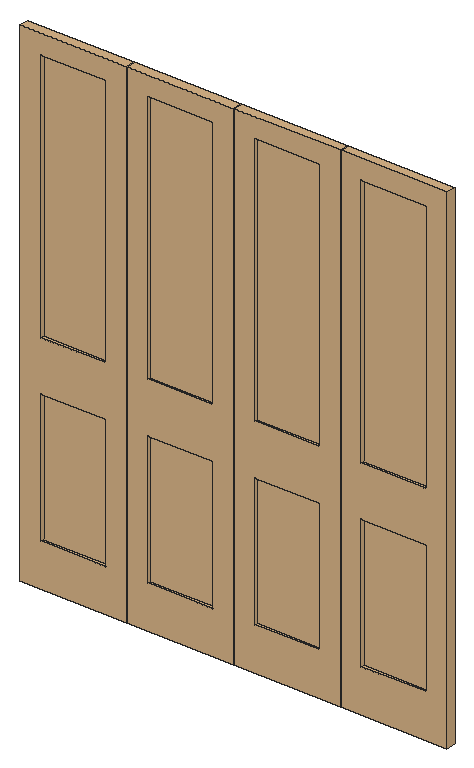
Revit family "0002_M_DR_W_bifold-4 panel_no trim", category 문, Revit 2026
Family settings
  호스트 = 벽
  항상 수직 = 예
  로드될 때 보이드를 사용하여 절단 = 아니오
  공유 = 아니오
  룸 계산 점 = 아니오
Parameters (values of type "72" x 84"")
  두께 = 0' - 2"
  조합 코드 = "C1020"
  Description = ""
  Function = (empty or 0)
  Door Material = Door - Panel
  Frame Material = Door - Frame
  Height = 7' - 0"
  벽 마무리 = 호스트별
  Width = 6' - 0"
Types (5): name | 두께 | 조합 코드 | Height | Width
  48" x  84" | 0' - 2" | "C1020" | 7' - 0" | 4' - 0"
  60" x 84" | 0' - 2" | "C1020" | 7' - 0" | 5' - 0"
  72" x 84" | 0' - 2" | "C1020" | 7' - 0" | 6' - 0"
  72" x 80" | 0' - 2" | "C1020" | 6' - 8" | 6' - 0"
  1830 x 2134mm | 0' - 1.9685" | 0' - 0" | 7' - 0.01575" | 6' - 0.04724"
Reference planes (in)
  plane 1: y = 0
  plane 2 "Center": x = 0
  plane 3 "Left": x = -36
  plane 4 "Right": x = 36
  plane 5 "Top": z = 84
  plane 6: x = -18
  plane 7: x = 18
  plane 8: z = 42
  plane 9: x = -20
  plane 10: x = -4
  plane 11: y = 1.5
  plane 12: x = 4
  plane 13: x = 20
  plane 14: y = 0
  plane 15: y = -1.5
  plane 16: z = 7.25
  plane 17: z = 80.75
  plane 18: z = 29.5
  plane 19: z = 38
  plane 20: x = 32.5
  plane 21: x = 21.5
  plane 22: x = 3.5
  plane 23: x = 14.5
  plane 24: x = -3.5
  plane 25: x = -14.5
  plane 26: x = -21.5
  plane 27: x = -32.5
  plane 28: y = 1
  plane 29: y = 0.5
Forms (in)
  Extrusion 1, solid, material "Door - Panel" <- "Door Material"
    sketch origin (-60, 1.5, 0) x (-1, 0, 0) y (0, 0, 1)
      loop
        line (-96, 0) -> (-78, 0) -> (-78, 84) -> (-96, 84) -> (-96, 0)
      loop
        line (-92.5, 80.75) -> (-92.5, 38) -> (-81.5, 38) -> (-81.5, 80.75) -> (-92.5, 80.75)
      loop
        line (-92.5, 29.5) -> (-92.5, 7.25) -> (-81.5, 7.25) -> (-81.5, 29.5) -> (-92.5, 29.5)
    from 0 to -1.5
  Extrusion 2, solid, material "Door - Panel" <- "Door Material"
    sketch origin (-60, 1.5, 0) x (-1, 0, 0) y (0, 0, 1)
      loop
        line (-78, 0) -> (-60, 0) -> (-60, 84) -> (-78, 84) -> (-78, 0)
      loop
        line (-74.5, 80.75) -> (-74.5, 38) -> (-63.5, 38) -> (-63.5, 80.75) -> (-74.5, 80.75)
      loop
        line (-74.5, 29.5) -> (-74.5, 7.25) -> (-63.5, 7.25) -> (-63.5, 29.5) -> (-74.5, 29.5)
    from 0 to -1.5
  Extrusion 3, solid, material "Door - Panel" <- "Door Material"
    sketch origin (-60, 1.5, 0) x (-1, 0, 0) y (0, 0, 1)
      loop
        line (-60, 0) -> (-42, 0) -> (-42, 84) -> (-60, 84) -> (-60, 0)
      loop
        line (-56.5, 80.75) -> (-56.5, 38) -> (-45.5, 38) -> (-45.5, 80.75) -> (-56.5, 80.75)
      loop
        line (-56.5, 29.5) -> (-56.5, 7.25) -> (-45.5, 7.25) -> (-45.5, 29.5) -> (-56.5, 29.5)
    from 0 to -1.5
  Extrusion 4, solid, material "Door - Panel" <- "Door Material"
    sketch origin (-60, 1.5, 0) x (-1, 0, 0) y (0, 0, 1)
      loop
        line (-42, 0) -> (-24, 0) -> (-24, 84) -> (-42, 84) -> (-42, 0)
      loop
        line (-38.5, 80.75) -> (-38.5, 38) -> (-27.5, 38) -> (-27.5, 80.75) -> (-38.5, 80.75)
      loop
        line (-38.5, 29.5) -> (-38.5, 7.25) -> (-27.5, 7.25) -> (-27.5, 29.5) -> (-38.5, 29.5)
    from 0 to -1.5
  Extrusion 5, solid, material "Door - Panel" <- "Door Material"
    sketch origin (-60, 1.5, 0) x (-1, 0, 0) y (0, 0, 1)
      loop
        line (-92.5, 80.75) -> (-92.5, 38) -> (-81.5, 38) -> (-81.5, 80.75) -> (-92.5, 80.75)
      loop
        line (-92.5, 29.5) -> (-92.5, 7.25) -> (-81.5, 7.25) -> (-81.5, 29.5) -> (-92.5, 29.5)
      loop
        line (-74.5, 80.75) -> (-74.5, 38) -> (-63.5, 38) -> (-63.5, 80.75) -> (-74.5, 80.75)
      loop
        line (-74.5, 29.5) -> (-74.5, 7.25) -> (-63.5, 7.25) -> (-63.5, 29.5) -> (-74.5, 29.5)
      loop
        line (-56.5, 29.5) -> (-56.5, 7.25) -> (-45.5, 7.25) -> (-45.5, 29.5) -> (-56.5, 29.5)
      loop
        line (-45.5, 80.75) -> (-56.5, 80.75) -> (-56.5, 38) -> (-45.5, 38) -> (-45.5, 80.75)
      loop
        line (-27.5, 80.75) -> (-38.5, 80.75) -> (-38.5, 38) -> (-27.5, 38) -> (-27.5, 80.75)
      loop
        line (-27.5, 29.5) -> (-38.5, 29.5) -> (-38.5, 7.25) -> (-27.5, 7.25) -> (-27.5, 29.5)
    from -1 to -0.5
Lines and regions (in)
  Opening 1
    outline origin (-90, -1.5, 0) x (1, 0, 0) y (0, 0, 1)
      loop
        line (54, 0) -> (126, 0) -> (126, 84) -> (54, 84) -> (54, 0)
  symbolic lines, style "InvisibleLines", detail levels coarse
    curve 1: line (-36, 1.5, 0) -> (-20, 9.88176, 0)
    curve 2: line (-20, 9.88176, 0) -> (-4, 1.5, 0)
    curve 11: line (20.00421, 9.88176, 0) -> (35.91046, 1.54911, 0)
    curve 15: line (19.99579, 9.88176, 0) -> (3.99579, 1.5, 0)
  symbolic lines, style "DoorsPanelProjection"
    curve 3: line (-35.99579, 1.4922, 0) -> (-20.80462, 11.14769, 0)
    curve 4: line (-35.19117, 0.22627, 0) -> (-35.99579, 1.4922, 0)
    curve 5: line (-20, 9.88176, 0) -> (-35.19117, 0.22627, 0)
    curve 6: line (-20.80462, 11.14769, 0) -> (-20, 9.88176, 0)
    curve 7: line (-4.00421, 1.4922, 0) -> (-19.19538, 11.14769, 0)
    curve 8: line (-4.80883, 0.22627, 0) -> (-4.00421, 1.4922, 0)
    curve 9: line (-20, 9.88176, 0) -> (-4.80883, 0.22627, 0)
    curve 10: line (-19.19538, 11.14769, 0) -> (-20, 9.88176, 0)
    curve 12: line (35.91046, 1.54911, 0) -> (20.80883, 11.14769, 0)
    curve 13: line (20.00421, 9.88176, 0) -> (35.19538, 0.22627, 0)
    curve 14: line (20.80883, 11.14769, 0) -> (20.00421, 9.88176, 0)
    curve 16: line (4, 1.4922, 0) -> (19.19117, 11.14769, 0)
    curve 17: line (4.80462, 0.22627, 0) -> (4, 1.4922, 0)
    curve 18: line (19.99579, 9.88176, 0) -> (4.80462, 0.22627, 0)
    curve 19: line (19.19117, 11.14769, 0) -> (19.99579, 9.88176, 0)
    curve 20: line (35.19538, 0.22627, 0) -> (35.91046, 1.54911, 0)
  symbolic lines, style "Elevation Swing"
    curve 21: line (18, 0, 84) -> (36, 0, 42)
    curve 22: line (36, 0, 42) -> (18, 0, 0)
    curve 23: line (0, 0, 0) -> (18, 0, 42)
    curve 24: line (18, 0, 42) -> (0, 0, 84)
    curve 25: line (0, 0, 84) -> (-18, 0, 42)
    curve 26: line (-18, 0, 42) -> (0, 0, 0)
    curve 27: line (-18, 0, 84) -> (-36, 0, 42)
    curve 28: line (-36, 0, 42) -> (-18, 0, 0)
Text (in)
  text "Exterior" at (-58.67754, 9.66748, 0), in view "Floor Line"
  text "Interior" at (-58.34764, -8.28425, 0), in view "Floor Line"
  text "Exterior" at (0, 40.15149, 123.01588), in view "Right"
  text "Interior" at (0, -64.39139, 123.01588), in view "Right"
  text "Interior" at (0, -31.01599, 123.00693), in view "Left"
  text "Exterior" at (0, 54.57065, 123.00693), in view "Left"
Dimensions and locks (in)
  "Height": host wall to plane 5 "Top"
  locked: plane 10 to plane 2 "Center" at 4
  locked: plane 2 "Center" to plane 12 at 4
  "Width": plane 3 "Left" to plane 4 "Right"
  locked: plane 14 to plane 11 at 1.5
  equal spacing: plane 3 "Left", plane 9, plane 10
  equal spacing: plane 12, plane 13, plane 4 "Right"
  equal spacing: plane 3 "Left", plane 6, plane 2 "Center", plane 7, plane 4 "Right"
  level to plane 16 to plane 18 to plane 19 = 0' - 7 1/4", 1' - 10 1/4", 0' - 8 1/2"
  plane 17 to plane 5 "Top" = 0' - 3 1/4"
  plane 4 "Right" to plane 20 = 0' - 3 1/2"
  plane 21 to plane 7 = 0' - 3 1/2"
  plane 7 to plane 23 = 0' - 3 1/2"
  plane 22 to plane 2 "Center" = 0' - 3 1/2"
  plane 2 "Center" to plane 24 = 0' - 3 1/2"
  plane 25 to plane 6 = 0' - 3 1/2"
  plane 6 to plane 26 = 0' - 3 1/2"
  plane 27 to plane 3 "Left" = 0' - 3 1/2"
  locked: plane 11 to host wall
  plane 29 to plane 28 to plane 11 = 0' - 0 1/2" locked, 0' - 0 1/2" locked
  locked: plane 8 to plane 5 "Top" at 42
  aligned and locked: plane 3 "Left" to Opening 1 sketch curve
  aligned and locked: plane 5 "Top" to Opening 1 sketch curve  (x2)
  aligned and locked: Opening 1 sketch curve to plane 4 "Right"
  aligned and locked: Opening 1 sketch curve to level
  aligned and locked: plane 15 to host wall
  aligned and locked: Extrusion 5 sketch curve to Extrusion 1  (x3)
  aligned and locked: Extrusion 5 sketch curve to Extrusion 2  (x4)
  aligned and locked: Extrusion 5 sketch curve to Extrusion 3  (x4)
  aligned and locked: Extrusion 5 sketch curve to Extrusion 4  (x2)
  aligned and locked: Extrusion 5 to plane 28
  aligned and locked: plane 29 to Extrusion 5
Automatic sketch dimensions
  Extrusion 1 sketch curve to level = 0' - 0"
  Extrusion 1 sketch curve to plane 4 "Right" = 0' - 0"
  Extrusion 1 sketch curve to plane 18 = 0' - 0"
  Extrusion 1 sketch curve to plane 20 = 0' - 0"  (x2)
  Extrusion 1 sketch curve to plane 16 = 0' - 0"
  Extrusion 1 sketch curve to plane 17 = 0' - 0"
  Extrusion 1 sketch curve to plane 21 = 0' - 0"  (x2)
  Extrusion 1 sketch curve to plane 7 = 0' - 0"
  Extrusion 1 sketch curve to plane 19 = 0' - 0"
  Extrusion 1 sketch curve to plane 5 "Top" = 0' - 0"
  Extrusion 2 sketch curve to level = 0' - 0"
  Extrusion 2 sketch curve to plane 7 = 0' - 0"
  Extrusion 2 sketch curve to plane 2 "Center" = 0' - 0"
  Extrusion 2 sketch curve to plane 5 "Top" = 0' - 0"
  Extrusion 3 sketch curve to level = 0' - 0"
  Extrusion 3 sketch curve to plane 2 "Center" = 0' - 0"
  Extrusion 3 sketch curve to plane 6 = 0' - 0"
  Extrusion 3 sketch curve to plane 5 "Top" = 0' - 0"
  Extrusion 4 sketch curve to level = 0' - 0"
  Extrusion 4 sketch curve to plane 6 = 0' - 0"
  Extrusion 4 sketch curve to plane 19 = 0' - 0"
  Extrusion 4 sketch curve to plane 26 = 0' - 0"  (x2)
  Extrusion 4 sketch curve to plane 17 = 0' - 0"
  Extrusion 4 sketch curve to plane 27 = 0' - 0"  (x2)
  Extrusion 4 sketch curve to plane 3 "Left" = 0' - 0"
  Extrusion 4 sketch curve to plane 5 "Top" = 0' - 0"
  Extrusion 5 sketch curve to plane 16 = 0' - 0"  (x4)
  Extrusion 5 sketch curve to plane 26 = 0' - 0"  (x2)
  Extrusion 5 sketch curve to plane 27 = 0' - 0"  (x2)
  Extrusion 5 sketch curve to plane 18 = 0' - 0"  (x4)
  Extrusion 2 sketch curve to plane 16 = 0' - 0"
  Extrusion 2 sketch curve to plane 23 = 0' - 0"  (x2)
  Extrusion 2 sketch curve to plane 18 = 0' - 0"
  Extrusion 2 sketch curve to plane 22 = 0' - 0"  (x2)
  Extrusion 2 sketch curve to plane 19 = 0' - 0"
  Extrusion 3 sketch curve to plane 16 = 0' - 0"
  Extrusion 3 sketch curve to plane 24 = 0' - 0"  (x2)
  Extrusion 3 sketch curve to plane 18 = 0' - 0"
  Extrusion 3 sketch curve to plane 25 = 0' - 0"  (x2)
  Extrusion 3 sketch curve to plane 19 = 0' - 0"
  Extrusion 4 sketch curve to plane 16 = 0' - 0"
  Extrusion 4 sketch curve to plane 18 = 0' - 0"
  Extrusion 5 sketch curve to plane 17 = 0' - 0"
  Extrusion 5 sketch curve to plane 20 = 0' - 0"
  Extrusion 5 sketch curve to plane 19 = 0' - 0"
  Extrusion 2 sketch curve to plane 17 = 0' - 0"
  Extrusion 5 sketch curve to plane 23 = 0' - 0"
  Extrusion 5 sketch curve to plane 22 = 0' - 0"
  Extrusion 3 sketch curve to plane 17 = 0' - 0"
  Extrusion 5 sketch curve to plane 24 = 0' - 0"
  Extrusion 5 sketch curve to plane 25 = 0' - 0"
  curve 1 to host wall = 0' - 0"
  curve 1 to plane 3 "Left" = 0' - 0"
  curve 5 to plane 9 = 0' - 0"
  curve 2 to host wall = 0' - 0"
  curve 2 to plane 10 = 0' - 0"
  curve 15 to host wall = 0' - 0"
  curve 16 to plane 12 = 0' - 0"
  curve 4 to plane 3 "Left" = 0' - 0.00421"
  curve 5 to plane 14 = 0' - 0.22627"
  curve 5 to plane 3 "Left" = 0' - 0.80883"
  curve 7 to plane 9 = 0' - 0.80462"
  curve 9 to plane 14 = 0' - 0.22627"
  plane 10 to curve 9 = 0' - 0.80883"
  plane 12 to curve 15 = 0' - 0.00421"
  curve 18 to plane 14 = 0' - 0.22627"
  curve 18 to plane 12 = 0' - 0.80462"
  plane 13 to curve 19 = 0' - 0.80883"
  curve 13 to plane 13 = 0' - 0.00421"
  curve 12 to plane 21 = 0' - 0.69117"
  curve 20 to plane 14 = 0' - 0.22627"
  plane 4 "Right" to curve 20 = 0' - 0.80462"
  curve 13 to plane 14 = 0' - 0.22627"
  curve 13 to curve 20 = 0' - 0"
  host wall to curve 11 = 0' - 0.04911"
  plane 4 "Right" to curve 11 = 0' - 0.08954"
  curve 20 to curve 11 = 0' - 0"  (x2)
  curve 4 to host wall = 0' - 0 1/128"
  curve 16 to host wall = 0' - 0 1/128"
  curve 25 to plane 2 "Center" = 0' - 0"
  curve 25 to plane 5 "Top" = 0' - 0"
  curve 21 to plane 5 "Top" = 0' - 0"
  curve 27 to plane 5 "Top" = 0' - 0"
  curve 25 to plane 6 = 0' - 0"
  curve 25 to plane 8 = 0' - 0"
  curve 23 to plane 7 = 0' - 0"
  curve 23 to plane 8 = 0' - 0"
  curve 21 to plane 4 "Right" = 0' - 0"
  curve 21 to plane 8 = 0' - 0"
  curve 27 to plane 3 "Left" = 0' - 0"
  curve 27 to plane 8 = 0' - 0"
  curve 22 to level = 0' - 0"
  curve 23 to level = 0' - 0"
  curve 28 to level = 0' - 0"
  curve 28 to plane 6 = 0' - 0"
  curve 27 to plane 6 = 0' - 0"
  curve 23 to plane 2 "Center" = 0' - 0"
  curve 22 to plane 7 = 0' - 0"
  curve 21 to plane 7 = 0' - 0"
